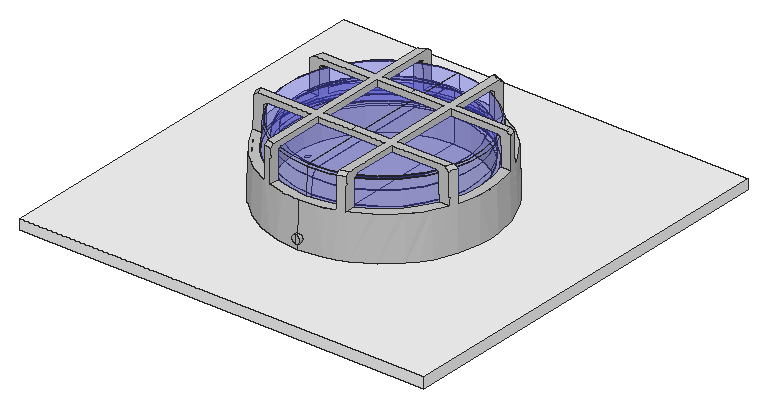
Revit family "BE_33503_de_DE", category Leuchten, Revit 2020
Family settings
  Basisbauteil = Fläche
  Bemaßung runder Anschluss = Durchmesser verwenden
  Teiletyp = Normal
  Beim Laden mit Abzugskörper schneiden = Ja
  Lichtquelle = Ja
  Gemeinsam genutzt = Nein
  Raumberechnungspunkt = Ja
Parameters (values of type "BEGA_33503_Silber_K4")
  built-in parameter 1150104 = 9.2903 (stored number, unit not read)
  Wattage = 8.4 W
  Default Elevation = 0 mm
  built-in parameter 1150113 = 1 (stored number, unit not read)
  built-in parameter 1114218 = 1 (stored number, unit not read)
  Umgebungstemperatur = "25 °C"
  URL = "https://www.bega.com/de/produkt/33503"
  Typenkommentare = "© 2022 BEGA. Wir behalten uns das Recht vor, technische Änderungen ohne vorherige Ankündigung vorzunehmen."  # constant formula
  Type Image = 33503.png
  built-in parameter 1150134 = 12
  built-in parameter 1150109 = 1 (stored number, unit not read)
  Strom = ""
  built-in parameter 1150110 = 1 (stored number, unit not read)
  Spannung = 239.996 V
  Sonderanfertigung = no
  Seriennummer [instance] = "Hier können Sie die eindeutige Seriennummer für das Facility Management eintragen."
  Schutzklasse = "I"
  Schutzart = "IP 65"
  Scheinlast = 0 VA
  Produktdatenblatt = "https://cdn.bega.com/bega/products/33503AK3/current/documents/data-sheets/de"
  Oberflächentemperatur = ""
  Neigungswinkel = 0.00°
  Modell = "33503AK4"
  Material_11 = BEGA_Glas_opal
  Material_06 = BEGA_Oberfläche_Edelstahl_gebürstet
  Material_02 = BEGA_Oberfläche_Silber_matt
  Material_01 [instance] = BEGA_Oberfläche_Grafit_matt
  M_W = no
  M_G = no
  M_A = yes
  Logo = 0
  built-in parameter 1114217 = 1 (stored number, unit not read)
  built-in parameter 1150139 = (empty or 0)
  built-in parameter 1150105 = 236.34 (stored number, unit not read)
  built-in parameter 1150114 = 1 (stored number, unit not read)
  Lumens = 840 lm
  built-in parameter 1150115 = 1 (stored number, unit not read)
  Leuchtenlichtstrom = "453 lm"
  Leuchtenanzahl = ""
  Lebensdauerkriterien = "L70B50 @ 25 °C = 200000 h"
  Lastklassifizierung = Beleuchtung
  built-in parameter 1150112 = 1 (stored number, unit not read)
  Lampenlichtstrom = "1005 lm"
  Lampe = "LED 4.7 W"
  LED_Modulbezeichnung = "LED-0338/840"
  built-in parameter 1150142 = (empty or 0)
  Hersteller = "BEGA"  # constant formula
  Gewicht = "1.9 kg"
  Gebrauchslageneinschränkung [instance] = ""
  Frequenz = "0/50-60 Hz"
  Farbwiedergabeindex = "CRI > 80"
  Farbtemperaturverschiebung bei Dämpfen der Lampe = <Keine Auswahl>
  Farbtemperatur = "4000 K"
  Color Filter = 16777215
  built-in parameter 1150133 = 10 (stored number, unit not read)
  Energieeffizienzklasse = "LED A++ - A"
  built-in parameter 1150137 = (empty or 0)
  built-in parameter 1150132 = (empty or 0)
  ENEC = "ja"
  Datei für fotometrisches Netz = "BE_33503K4.IES"
  CE_Konformität = "ja"
  Bestellnummer = "33503AK4"
  Beschreibung_Sonderanfertigung = "Hier können Sie Informationen zur Sonderanfertigung eintragen."
  Beschreibung = "Decken- und Wandleuchte"
  built-in parameter 1150106 = 2.3634 (stored number, unit not read)
  Befestigungsbohrung = "Ø 4,5 mm"
  Befestigungsabstand = "150 mm"
  Ballwurfsicher = ""
  BEGA_Intern_aus = yes
  BEGA_Intern_an = yes
  BEGA_Intern_Konstruktion = yes
  BEGA_Intern = yes
  BEGA_IES3 = yes
  BEGA_IES2 = yes
  BEGA_IES1 = yes
  BEGA_IES = yes
  BEGA_Dummy = no
  Anschlussleitung = ""
  Anschlussleistung [instance] = "5.8 W"
  built-in parameter 1150107 = 4000 (stored number, unit not read)
  built-in parameter 1150102 = (empty or 0)
  built-in parameter 1150138 = (empty or 0)
  Aktualisierung = "2022-05-18T04:00:07"
  AC/DC = "AC/DC"
Types (4, lengths in mm): name | built-in parameter 1150104 | built-in parameter 1150134 | Modell | M_G | M_A | built-in parameter 1150105 | Lumens | Leuchtenlichtstrom | Lampenlichtstrom | LED_Modulbezeichnung | Farbtemperatur | Datei für fotometrisches Netz | Bestellnummer | built-in parameter 1150106 | built-in parameter 1150107
  BEGA_33503_Silber_K4 | 9.2903 (stored number, unit not read) | 12 | "33503AK4" | no | yes | 236.34 (stored number, unit not read) | 840 lm | "453 lm" | "1005 lm" | "LED-0338/840" | "4000 K" | "BE_33503K4.IES" | "33503AK4" | 2.3634 (stored number, unit not read) | 4000 (stored number, unit not read)
  BEGA_33503_Grafit_K4 | 9.2903 (stored number, unit not read) | 12 | "33503K4" | yes | no | 236.34 (stored number, unit not read) | 840 lm | "453 lm" | "1005 lm" | "LED-0338/840" | "4000 K" | "BE_33503K4.IES" | "33503K4" | 2.3634 (stored number, unit not read) | 4000 (stored number, unit not read)
  BEGA_33503_Silber_K3 | 9.124 (stored number, unit not read) | (empty or 0) | "33503AK3" | no | yes | 232.08 (stored number, unit not read) | 824.964 lm | "440 lm" | "975 lm" | "LED-0338/830" | "3000 K" | "BE_33503K3.IES" | "33503AK3" | 2.3208 (stored number, unit not read) | 3000 (stored number, unit not read)
  BEGA_33503_Grafit_K3 | 9.124 (stored number, unit not read) | (empty or 0) | "33503K3" | yes | no | 232.08 (stored number, unit not read) | 824.964 lm | "440 lm" | "975 lm" | "LED-0338/830" | "3000 K" | "BE_33503K3.IES" | "33503K3" | 2.3208 (stored number, unit not read) | 3000 (stored number, unit not read)
Reference planes
  plane 1 "Mitte (Vorne/Hinten)": y = 0
  plane 2: z = 0
  plane 3 "Mitte (Links/Rechts)": x = 0
  plane 4 "Links": x = -105.759
  plane 5 "Rechts": x = 105.759
  plane 6 "Unten": y = -105.759
  plane 7 "Oben": y = 105.759
  plane 8 "Vorne": z = 78.95
Forms (mm)
  Extrusion 1, solid, material "BEGA_Platte_Weiss"
    sketch origin (0, -1119.2, 0) x (1, 0, 0) y (0, 1, 0)
      loop
        line (-200, 1319.2) -> (-200, 919.2) -> (200, 919.2) -> (200, 1319.2) -> (-200, 1319.2)
    from 0 to -10
  Extrusion 2, solid, material "BEGA_Dummy_matt", visible <- "BEGA_Dummy"
    sketch origin (80.095, -76.023, 0) x (1, 0, 0) y (0, 1, 0)
      loop
        circle (-80.095, 76.023) r 105.759
    from 0 to 78.95
Dimensions and locks
  plane 1 "Mitte (Vorne/Hinten)" to Extrusion 1 = 200 mm
  aligned and locked: plane 2 to Extrusion 1
  aligned and locked: level to Extrusion 1
Nested families
  nested 1: "BE_33503" at (0, 0, 0) x (0, -1, 0) z (0, 0, 1), type "BE_33503"
Connectors
  electrical at (0, 0, 0), driven by "Lastklassifizierung", driven by "Spannung", driven by "Scheinlast"
    settings: index 1, voltage 239.996 V, apparent load 0 VA, apparent load phase1 0 VA, apparent load phase2 0 VA, apparent load phase3 0 VA, power factor 1, load classification "Beleuchtung", number of poles 1, system type 31, power factor state 1, is connector primary yes, connector utility no, sub classification motor no, connector description ""
Definition of nested family "BE_33503"
  Parameters (values of type "BE_33503")
    Default Elevation = 1 mm
    URL = "http://www.bega.de/de/produkt"
    Type Comments = "© 2015 BEGA. Wir behalten uns das Recht vor, technische Änderungen ohne vorherige Ankündigung vorzunehmen. "  # constant formula
    Type Image = (empty or 0)
    Material_17 = none
    Material_15 = none
    Material_11 = none
    Material_09 = none
    Material_06 = none
    Material_03 = none
    Material_02 = none
    Material_01 = none
    M_W = yes
    M_G = yes
    M_A = yes
    Länge_Platte = 200 mm  # constant formula
    Höhe_Platte = -10 mm  # constant formula
    Manufacturer = "BEGA"  # constant formula
    Breite_Platte = 200 mm  # constant formula
  Reference planes
    plane 1 "Mitte (Oben/Unten)": y = 0
    plane 2: z = 0
    plane 3 "Mitte (Links/Rechts)": x = 0
    plane 4 "Vorne": z = 78.95
    plane 5 "Hinten": z = 0
    plane 6: x = -105.759
    plane 7: x = 105.759
    plane 8: y = -105.759
    plane 9: y = 105.759
  Forms (mm)
    Extrusion 1, solid, detail levels medium
      sketch origin (0, 0, 0) x (1, 0, 0) y (0, 1, 0)
        loop
          line (-100, 100) -> (-100, -100) -> (100, -100) -> (100, 100) -> (-100, 100)
      from 0 to -10 <- "Höhe_Platte"
    Revolve 2, solid, material <- "Material_01", visible <- "M_G", detail levels medium+fine
      sketch origin (0, 0, 0) x (1, 0, 0) y (0, 0, 1)
        loop
          line (-89.994, 29.772) -> (-89.214, 0) -> (-86.5, 0) -> (-86.291, 8) -> (0, 8) -> (0, 10.7) -> (-86.5, 10.7) -> (-87.11, 34) -> (-90.5, 34) -> (-90.57, 36) -> (-101.9, 36) -> (-101.9, 29.767) -> (-89.994, 29.772)
        axis (0, 0) -> (0, 36)
      angle from 0 to 360
    Revolve 3, solid, material <- "Material_11", detail levels medium+fine
      sketch origin (0, 0, 0) x (1, 0, 0) y (0, 0, 1)
        loop
          line (-99.5, 42.398) -> (-99.5, 37.3) -> (-88.5, 37.3) -> (-88.5, 42.3) -> (-87.747, 56.666)
          arc (-87.747, 56.666) -> (-85.577, 61.376) -> (-80.762, 63.3) r 7
          line (-80.762, 63.3) -> (0, 63.3) -> (0, 71.3) -> (-92.187, 71.3) -> (-94.052, 69.435) -> (-95.001, 42.273) -> (-99.5, 42.398)
        axis (0, 71.3) -> (0, 37.3)
      angle from 0 to 360
    Revolve 4, solid, material <- "Material_02", visible <- "M_A", detail levels medium+fine
      sketch origin (0, 0, 0) x (1, 0, 0) y (0, 0, 1)
        loop
          line (-89.994, 29.772) -> (-89.214, 0) -> (-86.5, 0) -> (-86.291, 8) -> (0, 8) -> (0, 10.7) -> (-86.5, 10.7) -> (-87.11, 34) -> (-90.5, 34) -> (-90.57, 36) -> (-101.9, 36) -> (-101.9, 29.767) -> (-89.994, 29.772)
        axis (0, 0) -> (0, 36)
      angle from 0 to 360
    Revolve 5, solid, material <- "Material_01", visible <- "M_G", detail levels medium+fine
      sketch origin (0, 0, 0) x (1, 0, 0) y (0, 0, 1)
        loop
          line (-100.97, 78.95) -> (-104.465, 75.674) -> (-105.759, 1.55) -> (-103.214, 1.55) -> (-102.49, 43.05) -> (-96.035, 43.05) -> (-95.549, 70.892) -> (-92.796, 73.45) -> (0, 73.45) -> (0, 78.95) -> (-100.97, 78.95)
        axis (0, 78.95) -> (0, 1.55)
      angle from 0 to 360
    Extrusion 6, void
      sketch origin (0, 0, 0) x (1, 0, 0) y (0, 1, 0)
        loop
          line (-32.856, 32.856) -> (-32.856, -32.856) -> (32.856, -32.856) -> (32.856, 32.856) -> (-32.856, 32.856)
        loop
          line (-110.856, -32.856) -> (-40.144, -32.856) -> (-40.144, 32.856) -> (-110.856, 32.856) -> (-110.856, -32.856)
        loop
          line (-32.856, 107.144) -> (-32.856, 40.144) -> (32.856, 40.144) -> (32.856, 107.144) -> (-32.856, 107.144)
        loop
          line (-110.856, 107.144) -> (-110.856, 40.144) -> (-40.144, 40.144) -> (-40.144, 107.144) -> (-110.856, 107.144)
        loop
          line (110.856, -32.856) -> (110.856, 32.856) -> (40.144, 32.856) -> (40.144, -32.856) -> (110.856, -32.856)
        loop
          line (110.856, 107.144) -> (40.144, 107.144) -> (40.144, 40.144) -> (110.856, 40.144) -> (110.856, 107.144)
        loop
          line (-32.856, -107.144) -> (32.856, -107.144) -> (32.856, -40.144) -> (-32.856, -40.144) -> (-32.856, -107.144)
        loop
          line (-110.856, -107.144) -> (-40.144, -107.144) -> (-40.144, -40.144) -> (-110.856, -40.144) -> (-110.856, -107.144)
        loop
          line (110.856, -107.144) -> (110.856, -40.144) -> (40.144, -40.144) -> (40.144, -107.144) -> (110.856, -107.144)
      from 45.05 to 78.95
    Extrusion 7, void
      sketch origin (0, 0, 0) x (1, 0, 0) y (0, 1, 0)
        loop
          circle (0, 75) r 2.25
        loop
          circle (0, -75) r 2.25
        loop
          circle (58.526, 20.108) r 7.5
        loop
          circle (58.526, -20.108) r 7.5
      from 0 to 14.2
    Revolve 8, solid, material <- "Material_06", detail levels fine
      sketch origin (0, 0, 0) x (1, 0, 0) y (0, 0, 1)
        loop
          line (105.663, 15.55) -> (105.663, 11.55) -> (108.3, 11.55) -> (108.3, 15.55) -> (105.663, 15.55)
        axis (105.663, 11.55) -> (108.3, 11.55)
      angle from 0 to 360
    Revolve 9, solid, material <- "Material_02", visible <- "M_A", detail levels medium+fine
      sketch origin (0, 0, 0) x (1, 0, 0) y (0, 0, 1)
        loop
          line (-100.97, 78.95) -> (-104.465, 75.674) -> (-105.759, 1.55) -> (-103.214, 1.55) -> (-102.49, 43.05) -> (-96.035, 43.05) -> (-95.549, 70.892) -> (-92.796, 73.45) -> (0, 73.45) -> (0, 78.95) -> (-100.97, 78.95)
        axis (0, 78.95) -> (0, 1.55)
      angle from 0 to 360
    Extrusion 10, void
      sketch origin (0, 0, 0) x (1, 0, 0) y (0, 1, 0)
        loop
          line (-32.856, 32.856) -> (-32.856, -32.856) -> (32.856, -32.856) -> (32.856, 32.856) -> (-32.856, 32.856)
        loop
          line (-110.856, -32.856) -> (-40.144, -32.856) -> (-40.144, 32.856) -> (-110.856, 32.856) -> (-110.856, -32.856)
        loop
          line (-32.856, 107.144) -> (-32.856, 40.144) -> (32.856, 40.144) -> (32.856, 107.144) -> (-32.856, 107.144)
        loop
          line (-110.856, 107.144) -> (-110.856, 40.144) -> (-40.144, 40.144) -> (-40.144, 107.144) -> (-110.856, 107.144)
        loop
          line (110.856, -32.856) -> (110.856, 32.856) -> (40.144, 32.856) -> (40.144, -32.856) -> (110.856, -32.856)
        loop
          line (110.856, 107.144) -> (40.144, 107.144) -> (40.144, 40.144) -> (110.856, 40.144) -> (110.856, 107.144)
        loop
          line (-32.856, -107.144) -> (32.856, -107.144) -> (32.856, -40.144) -> (-32.856, -40.144) -> (-32.856, -107.144)
        loop
          line (-110.856, -107.144) -> (-40.144, -107.144) -> (-40.144, -40.144) -> (-110.856, -40.144) -> (-110.856, -107.144)
        loop
          line (110.856, -107.144) -> (110.856, -40.144) -> (40.144, -40.144) -> (40.144, -107.144) -> (110.856, -107.144)
      from 45.05 to 78.95
  Cuts and joins
    Extrusion 7 cuts Revolve 2
    Extrusion 6, Extrusion 10 cuts Revolve 5
    Extrusion 7 cuts Revolve 3
    Extrusion 7 cuts Revolve 4
    Extrusion 10 cuts Revolve 9
  Dimensions and locks
    equal spacing: Extrusion 1 sketch curve, plane 3 "Mitte (Links/Rechts)", Extrusion 1 sketch curve
    equal spacing: Extrusion 1 sketch curve, plane 1 "Mitte (Oben/Unten)", Extrusion 1 sketch curve
    "Länge_Platte": Extrusion 1 sketch curve to Extrusion 1 sketch curve
    "Breite_Platte": Extrusion 1 sketch curve to Extrusion 1 sketch curve
    aligned and locked: plane 2 to Extrusion 1
    aligned and locked: level to Extrusion 1
  Automatic sketch dimensions
    Revolve 2 sketch curve to level = 0 mm
    Revolve 2 sketch curve to plane 3 "Mitte (Links/Rechts)" = 0 mm  (x2)
    level to Revolve 2 sketch curve = 8 mm
    Revolve 2 sketch curve to plane 3 "Mitte (Links/Rechts)" = 86.291 mm
    Revolve 2 sketch curve to Revolve 2 sketch curve = 0.209 mm
    level to Revolve 2 sketch curve = 10.7 mm
    Revolve 2 sketch curve to Revolve 2 sketch curve = 0.21 mm
    level to Revolve 2 sketch curve = 34 mm
    Revolve 2 sketch curve to Revolve 2 sketch curve = 0.61 mm
    Revolve 2 sketch curve to Revolve 2 sketch curve = 2.714 mm
    level to Revolve 2 sketch curve = 29.772 mm
    Revolve 2 sketch curve to Revolve 2 sketch curve = 2.884 mm
    Revolve 2 sketch curve to Revolve 2 sketch curve = 3.39 mm
    Revolve 2 sketch curve to Revolve 2 sketch curve = 0.07 mm
    Revolve 2 sketch curve to Revolve 2 sketch curve = 11.33 mm
    Revolve 2 sketch curve to Revolve 2 sketch curve = 0.005 mm
    Revolve 2 sketch curve to Revolve 2 sketch curve = 6.233 mm
    Revolve 2 sketch curve to Revolve 2 sketch curve = 0 mm
    Revolve 2 sketch curve to Revolve 2 sketch curve = 37.3 mm
    Revolve 3 sketch curve to plane 3 "Mitte (Links/Rechts)" = 0 mm  (x2)
    Revolve 3 sketch curve to plane 3 "Mitte (Links/Rechts)" = 80.757 mm
    Revolve 3 sketch curve to Revolve 3 sketch curve = 0.005 mm
    level to Revolve 3 sketch curve = 42.3 mm
    Revolve 3 sketch curve to Revolve 3 sketch curve = 7.743 mm
    Revolve 3 sketch curve to Revolve 3 sketch curve = 11.425 mm
    Revolve 3 sketch curve to Revolve 3 sketch curve = 1.865 mm
    level to Revolve 3 sketch curve = 42.273 mm
    Revolve 3 sketch curve to Revolve 3 sketch curve = 6.501 mm
    Revolve 3 sketch curve to Revolve 3 sketch curve = 4.499 mm
    Revolve 3 sketch curve to Revolve 3 sketch curve = 4.973 mm
    Revolve 3 sketch curve to Revolve 3 sketch curve = 0.125 mm
    Revolve 3 sketch curve to Revolve 3 sketch curve = 14 mm
    Revolve 3 sketch curve to Revolve 3 sketch curve = 7 mm
    Revolve 3 sketch curve to Revolve 3 sketch curve = 6.135 mm
    Revolve 3 sketch curve to Revolve 3 sketch curve = 8 mm
    Revolve 3 sketch curve to Revolve 3 sketch curve = 6.99 mm
    Revolve 3 sketch curve to Revolve 3 sketch curve = 0 mm  (x3)
    Revolve 3 sketch curve to Revolve 3 sketch curve = 11.232 mm
    Revolve 4 sketch curve to level = 0 mm
    Revolve 4 sketch curve to plane 3 "Mitte (Links/Rechts)" = 0 mm  (x2)
    level to Revolve 4 sketch curve = 8 mm
    Revolve 4 sketch curve to plane 3 "Mitte (Links/Rechts)" = 86.291 mm
    Revolve 4 sketch curve to Revolve 4 sketch curve = 0.209 mm
    level to Revolve 4 sketch curve = 10.7 mm
    Revolve 4 sketch curve to Revolve 4 sketch curve = 0.21 mm
    level to Revolve 4 sketch curve = 34 mm
    Revolve 4 sketch curve to Revolve 4 sketch curve = 0.61 mm
    Revolve 4 sketch curve to Revolve 4 sketch curve = 2.714 mm
    level to Revolve 4 sketch curve = 29.772 mm
    Revolve 4 sketch curve to Revolve 4 sketch curve = 2.884 mm
    Revolve 4 sketch curve to Revolve 4 sketch curve = 3.39 mm
    Revolve 4 sketch curve to Revolve 4 sketch curve = 0.07 mm
    Revolve 4 sketch curve to Revolve 4 sketch curve = 11.33 mm
    Revolve 4 sketch curve to Revolve 4 sketch curve = 0.005 mm
    Revolve 4 sketch curve to Revolve 4 sketch curve = 6.233 mm
    Revolve 4 sketch curve to Revolve 4 sketch curve = 0 mm
    Revolve 4 sketch curve to Revolve 4 sketch curve = 37.3 mm
    plane 1 "Mitte (Oben/Unten)" to Extrusion 6 sketch curve = 40.144 mm  (x2)
    Extrusion 6 sketch curve to Extrusion 6 sketch curve = 0 mm  (x14)
    Extrusion 6 sketch curve to plane 3 "Mitte (Links/Rechts)" = 40.144 mm
    Extrusion 6 sketch curve to Extrusion 6 sketch curve = 7.288 mm  (x10)
    plane 3 "Mitte (Links/Rechts)" to Extrusion 6 sketch curve = 32.856 mm
    Extrusion 6 sketch curve to Extrusion 6 sketch curve = 70.712 mm  (x3)
    Extrusion 6 sketch curve to Extrusion 6 sketch curve = 67 mm  (x3)
    Extrusion 6 sketch curve to plane 1 "Mitte (Oben/Unten)" = 32.856 mm  (x2)
    Extrusion 7 sketch curve to plane 3 "Mitte (Links/Rechts)" = 0 mm  (x2)
    plane 1 "Mitte (Oben/Unten)" to Extrusion 7 sketch curve = 20.108 mm
    plane 3 "Mitte (Links/Rechts)" to Extrusion 7 sketch curve = 58.526 mm
    Extrusion 7 sketch curve to plane 1 "Mitte (Oben/Unten)" = 20.108 mm
    Extrusion 7 sketch curve to Extrusion 7 sketch curve = 0 mm
    plane 1 "Mitte (Oben/Unten)" to Extrusion 7 sketch curve = 75 mm
    Extrusion 7 sketch curve to plane 1 "Mitte (Oben/Unten)" = 75 mm
    level to Revolve 8 sketch curve = 15.55 mm
    Revolve 8 sketch curve to Revolve 8 sketch curve = 2.637 mm
    Revolve 8 sketch curve to Revolve 8 sketch curve = 0 mm  (x2)
    Revolve 8 sketch curve to Revolve 8 sketch curve = 3.147 mm
    Revolve 8 sketch curve to Revolve 8 sketch curve = 4 mm
    plane 3 "Mitte (Links/Rechts)" to Revolve 8 sketch curve = 105.663 mm
    plane 6 to Revolve 5 sketch curve = 0 mm
    Revolve 5 sketch curve to plane 4 "Vorne" = 0 mm  (x2)
    Revolve 5 sketch curve to plane 3 "Mitte (Links/Rechts)" = 0 mm  (x2)
    Revolve 5 sketch curve to plane 6 = 1.294 mm
    Revolve 5 sketch curve to plane 6 = 3.27 mm
    Revolve 5 sketch curve to plane 6 = 4.789 mm
    Revolve 5 sketch curve to Revolve 5 sketch curve = 6.455 mm
    Revolve 5 sketch curve to Revolve 5 sketch curve = 5.421 mm
    Revolve 5 sketch curve to plane 4 "Vorne" = 5.5 mm
    Revolve 5 sketch curve to Revolve 5 sketch curve = 2.753 mm
    Revolve 5 sketch curve to Revolve 5 sketch curve = 2.558 mm
    Revolve 5 sketch curve to Revolve 5 sketch curve = 27.842 mm
    Revolve 5 sketch curve to plane 4 "Vorne" = 3.276 mm
    Revolve 5 sketch curve to plane 6 = 2.545 mm
    Revolve 5 sketch curve to Revolve 5 sketch curve = 24.5 mm
    level to Revolve 5 sketch curve = 1.55 mm
    plane 6 to Revolve 9 sketch curve = 0 mm
    Revolve 9 sketch curve to plane 4 "Vorne" = 0 mm  (x2)
    Revolve 9 sketch curve to plane 3 "Mitte (Links/Rechts)" = 0 mm  (x2)
    Revolve 9 sketch curve to plane 6 = 1.294 mm
    Revolve 9 sketch curve to Revolve 9 sketch curve = 2.545 mm
    Revolve 9 sketch curve to plane 6 = 3.27 mm
    Revolve 9 sketch curve to plane 6 = 4.789 mm
    Revolve 9 sketch curve to Revolve 9 sketch curve = 6.455 mm
    Revolve 9 sketch curve to Revolve 9 sketch curve = 5.421 mm
    Revolve 9 sketch curve to plane 4 "Vorne" = 5.5 mm
    Revolve 9 sketch curve to Revolve 9 sketch curve = 2.753 mm
    Revolve 9 sketch curve to Revolve 9 sketch curve = 2.558 mm
    Revolve 9 sketch curve to Revolve 9 sketch curve = 27.842 mm
    level to Revolve 9 sketch curve = 1.55 mm
    Revolve 9 sketch curve to plane 4 "Vorne" = 3.276 mm
    Revolve 9 sketch curve to Revolve 9 sketch curve = 24.5 mm
    plane 6 to Extrusion 10 sketch curve = 5.097 mm  (x3)
    plane 9 to Extrusion 10 sketch curve = 1.385 mm  (x3)
    Extrusion 10 sketch curve to plane 3 "Mitte (Links/Rechts)" = 40.144 mm
    Extrusion 10 sketch curve to Extrusion 10 sketch curve = 0 mm  (x9)
    Extrusion 10 sketch curve to Extrusion 10 sketch curve = 7.288 mm  (x10)
    plane 8 to Extrusion 10 sketch curve = 1.385 mm  (x3)
    plane 3 "Mitte (Links/Rechts)" to Extrusion 10 sketch curve = 32.856 mm
    plane 7 to Extrusion 10 sketch curve = 5.097 mm  (x3)
    plane 1 "Mitte (Oben/Unten)" to Extrusion 10 sketch curve = 40.144 mm
    Extrusion 10 sketch curve to plane 1 "Mitte (Oben/Unten)" = 32.856 mm  (x2)
    radius of Extrusion 7 sketch curve = 2.25 mm  (x2)
    radius of Extrusion 7 sketch curve = 7.5 mm  (x2)
